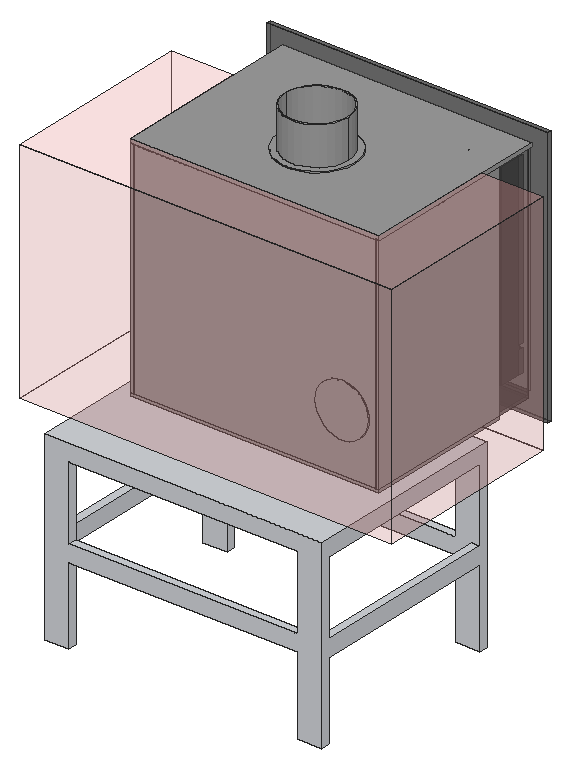
Revit family "FOGO MONTANHA-CLASSIC-E601-STEEL DOOR-R19-V00", category Mechanical Equipment, host Wall, Revit 2019
Family settings
  Host = Wall
  Round Connector Dimension = Use Diameter
  Part Type = Normal
  OmniClass Number = 23.19.17.00
  Always vertical = Yes
  Cut with Voids When Loaded = No
  Shared = No
  Room Calculation Point = No
Parameters (values of type "Grey Steel Door-4 sided Glass Frame 50mm")
  r_SmallDuct_Top = Diameter / 2  # 50 mm
  r_CentralDuct_Top = F / 2  # 75 mm
  r_Duct_back = 65 mm
  Frame Type = FOGO MONTANHA-CLASSIC-4L FRAME : E601-50mm-Glass
  Door_Glass_Offset = 70 mm
  V = 182
  Support Table [instance] = yes
  Pu = 5.6
  Power = 8 kW
  Pn = 8
  P = 8
  Glass = Fogo Montanha-Glass
  Electrical Power = 32 W
  Electric tension = 230 V
  Efficiency at nominal power = "77%"
  Diameter = 100 mm
  Dark Glass = Fogo Montanha-Dark Glass
  URL = "https://welcome.fogo-montanha.com/pesquisar/PA2019P001"
  Door_Position = 5 mm  # constant formula
  Door = Fogo Montanha-Grey Steel
  Offset_Door-Frame = 26.7 mm
  GlassDoor = no
  Model = "Classic-E601"  # constant formula
  Manufacturer URL = "www.fogo-montanha.com"
  Manufacturer = "Fogo Montanha"  # constant formula
  Height from Level [instance] = 450 mm
  Version = "v00"  # constant formula
  Uniformat II Description = "Heat Generating Systems"  # constant formula
  Uniformat II Code = "D3020"  # constant formula
  Uniclass 2015 Name = "Space heaters"  # constant formula
  Uniclass 2015 Code = "TE_70_10_20_80"  # constant formula
  Uniclass 2.0 Description = "Space Heating And Cooling Products"  # constant formula
  Uniclass 2.0 Code = "PR-70-60-36-74"  # constant formula
  Uniclass 1.4 Description = "Fireplaces"  # constant formula
  Uniclass 1.4 Code = "L828"  # constant formula
  UNSPSC Description = "Space Heaters"  # constant formula
  UNSPSC Code = "40101819"  # constant formula
  Reference = "PA2019P001"
  Publication date = "08/2022"  # constant formula
  Number of Poles = 1
  NBS Reference Description = "Room Heaters"  # constant formula
  NBS Reference Code = "60-36-74"  # constant formula
  Masterformat 2014 Description = "Fireplaces and Stoves"  # constant formula
  Masterformat 2014 Code = "10 30 00"  # constant formula
  K = B + 13 mm  # 559 mm
  J = A + 17 mm  # 607 mm
  IfcExportType = "IfcSpaceHeaterType"  # constant formula
  IfcExportAs = "IfcSpaceHeater"  # constant formula
  G = 275 mm
  F = 150 mm
  Offset_Duct_Back = 90 mm
  Clearance Zone Visible [instance] = yes
  Clearance Zone = 150 mm
  Cl = 2.4
  CO2 = 8.9
  CO 13% O2 = 0.077
  Aux_Duct_Top = 120 mm
  Det_Door = if(GlassDoor, -1 mm, 15 mm)  # 15 mm
  Description = "Inseríveis a lenha com ventilação tangencial incluída de série, disponíveis em preto, cinza ou porta em vidro. Incluem porta com sistema de fecho automático, ar externo canalizável através de um kit opcional, dupla combustão e câmara estanque. Possibilidade de regulação da ventilação através de um controlador GLA que, com a inclusão de um Damper, permitirá também o controlo do ar de combustão. Kit wi-fi opcional para gestão do controlador GLA à distância através de smartphone."  # constant formula
  D = 465 mm
  Body = Fogo Montanha-Steel
  Base_Offset [instance] = if(and(Height from Level < 300 mm, Support Table), 300 mm, if(and(Height from Level > 545 mm, Support Table), 545 mm, Height from Level))  # 450 mm
  E = B  # 546 mm
  C = A  # 590 mm
  BIM Modeler URL = "www.stratbim.com"
  BIM Modeler = "StratBIM"
  B = 546 mm
  Assembly Code = "D3020"
  A = 590 mm
Types (12, lengths in mm): name | Frame Type | URL | Door | Offset_Door-Frame | Reference
  Grey Steel Door-4 sided Glass Frame 50mm | FOGO MONTANHA-CLASSIC-4L FRAME : E601-50mm-Glass | "https://welcome.fogo-montanha.com/pesquisar/PA2019P001" | Fogo Montanha-Grey Steel | 26.7 | "PA2019P001"
  Grey Steel Door-3 sided Glass Frame 50mm | FOGO MONTANHA-CLASSIC-3L FRAME : E601-50mm-Glass | "https://welcome.fogo-montanha.com/pesquisar/PA2019P001" | Fogo Montanha-Grey Steel | 26.7 | "PA2019P001"
  Black Steel Door-4 sided Glass Frame 50mm | FOGO MONTANHA-CLASSIC-4L FRAME : E601-50mm-Glass | "https://welcome.fogo-montanha.com/pesquisar/PA2019P001" | Fogo Montanha-Black Steel | 26.7 | "PA2019P001"
  Black Steel Door-3 sided Glass Frame 50mm | FOGO MONTANHA-CLASSIC-3L FRAME : E601-50mm-Glass | "https://welcome.fogo-montanha.com/pesquisar/PA2019P001" | Fogo Montanha-Black Steel | 26.7 | "PA2019P001"
  Black Steel Door-3 sided Black Steel Frame 45mm | FOGO MONTANHA-CLASSIC-3L FRAME : E601-45mm-Black Steel | "https://welcome.fogo-montanha.com/pesquisar/PA2019P001" | Fogo Montanha-Black Steel | 26.7 | "PA2019P001"
  Black Steel Door-3 sided Black Steel Frame 20mm | FOGO MONTANHA-CLASSIC-3L FRAME : E601-20mm-Black Steel | "https://welcome.fogo-montanha.com/pesquisar/PA2019P001" | Fogo Montanha-Black Steel | 26.7 | "PA2019P001"
  Grey Steel Door-3 sided Grey Steel Frame 45mm | FOGO MONTANHA-CLASSIC-3L FRAME : E601-45mm-Grey Steel | "https://welcome.fogo-montanha.com/pesquisar/PA2019G001" | Fogo Montanha-Grey Steel | 27 | "PA2019G001"
  Grey Steel Door-3 sided Grey Steel Frame 20mm | FOGO MONTANHA-CLASSIC-3L FRAME : E601-20mm-Grey Steel | "https://welcome.fogo-montanha.com/pesquisar/PA2019G001" | Fogo Montanha-Grey Steel | 26.7 | "PA2019G001"
  Black Steel Door-4 sided Black Steel Frame 45mm | FOGO MONTANHA-CLASSIC-4L FRAME : E601-45mm-Black Steel | "https://welcome.fogo-montanha.com/pesquisar/PA2019P001" | Fogo Montanha-Black Steel | 26.7 | "PA2019P001"
  Black Steel Door-4 sided Black Steel Frame 20mm | FOGO MONTANHA-CLASSIC-4L FRAME : E601-20mm-Black Steel | "https://welcome.fogo-montanha.com/pesquisar/PA2019P001" | Fogo Montanha-Black Steel | 26.7 | "PA2019P001"
  Grey Steel Door-4 sided Grey Steel Frame 45mm | FOGO MONTANHA-CLASSIC-4L FRAME : E601-45mm-Grey Steel | "https://welcome.fogo-montanha.com/pesquisar/PA2019G001" | Fogo Montanha-Grey Steel | 26.7 | "PA2019G001"
  Grey Steel Door-4 sided Grey Steel Frame 20mm | FOGO MONTANHA-CLASSIC-4L FRAME : E601-20mm-Grey Steel | "https://welcome.fogo-montanha.com/pesquisar/PA2019G001" | Fogo Montanha-Grey Steel | 26.7 | "PA2019G001"
Reference planes
  plane 1 "Wall": y = 0
  plane 2 "Center (Left/Right)": x = 0
  plane 3 "Front": y = 75
  plane 4 "2": x = 295
  plane 5 "3": x = -295
  plane 6 "4": x = -295
  plane 7 "5": x = 295
  plane 8 "6": x = -303.5
  plane 9 "7": x = 303.5
  plane 10 "K'": z = 1009
  plane 11 "K": z = 450
  plane 12: y = -200
  plane 13: y = -390
  plane 14 "8": x = -50
  plane 15 "9": x = 50
  plane 16 "10": x = 213.5
  plane 17: z = 729.5
  plane 18 "B'": z = 1002.5
  plane 19 "B": z = 456.5
  plane 20 "E'": z = 1002.5
  plane 21 "E": z = 456.5
  plane 22 "L": z = 601
  plane 23: y = -46
  plane 24 "M": x = -183.5
  plane 25 "M'": x = 183.5
  plane 26: z = 997
  plane 27: z = 466.5
  plane 28 "S": x = -298.5
  plane 29 "T": x = 298.5
  plane 30 "U": x = 271.8
  plane 31 "V": x = -271.8
  plane 32: z = 970.3
  plane 33: z = 493.2
  plane 34: z = 628.2
  plane 35: z = 900.3
  plane 36 "W": x = 201.8
  plane 37 "X": x = -201.8
  plane 38: y = -340
  plane 39 "Y": x = 100
  plane 40 "AA": x = -100
  plane 41: y = 87
  plane 42: z = 558.2
  plane 43: z = 548.2
  plane 44 "BB": z = 1109
  plane 45 "Origin": z = 0
  plane 46: y = -25
Forms (mm)
  Extrusion 1, solid, material "Fogo Montanha-Steel" <- "Body", detail levels coarse
    sketch origin (0, 75, 0) x (1, 0, 0) y (0, 0, 1)
      loop
        line (303.5, 450) -> (303.5, 1002.5) -> (-303.5, 1002.5) -> (-303.5, 450) -> (303.5, 450)
    from 0 to 465
  Extrusion 2, solid, material "Fogo Montanha-Steel" <- "Body", detail levels medium+fine
    sketch origin (-303.5, 0, 0) x (0, 1, 0) y (0, 0, 1)
      loop
        line (-25, 456.5) -> (-25, 1002.5) -> (-200, 1002.5) -> (-390, 1002.5) -> (-390, 456.5) -> (-25, 456.5)
    from 0 to 8.5
  Extrusion 3, solid, material "Fogo Montanha-Steel" <- "Body", detail levels medium+fine
    sketch origin (303.5, 30, 0) x (0, 1, 0) y (0, 0, -1)
      loop
        line (-55, -456.5) -> (-420, -456.5) -> (-420, -1002.5) -> (-230, -1002.5) -> (-55, -1002.5) -> (-55, -456.5)
    from 0 to 8.5
  Extrusion 4, solid, material "Fogo Montanha-Steel" <- "Body", detail levels medium+fine
    sketch origin (1420, -390, 1200) x (1, 0, 0) y (0, 0, 1)
      loop
        line (-1125, -743.5) -> (-1125, -197.5) -> (-1715, -197.5) -> (-1715, -743.5) -> (-1125, -743.5)
    from 0 to -10
  Extrusion 5, solid, material "Fogo Montanha-Steel" <- "Body", detail levels medium+fine
    sketch origin (2348.699, 225, 1002.5) x (1, 0, 0) y (0, 1, 0)
      loop
        line (-2652.199, -150) -> (-2652.199, -615) -> (-2045.199, -615) -> (-2045.199, -150) -> (-2652.199, -150)
      loop
        circle (-2348.699, -425) r 75
    from 10 to 0
  Extrusion 6, solid, material "Fogo Montanha-Steel" <- "Body", detail levels medium+fine
    sketch origin (2348.699, 225, 456.5) x (1, 0, 0) y (0, 1, 0)
      loop
        line (-2652.199, -250) -> (-2652.199, -615) -> (-2045.199, -615) -> (-2045.199, -250) -> (-2652.199, -250)
    from -6.5 to 0
  Extrusion 7, solid, material "Fogo Montanha-Steel" <- "Body", detail levels medium+fine
    sketch origin (1420, -390, 1200) x (1, 0, 0) y (0, 0, 1)
      loop
        circle (-1206.5, -599) r 65
    from 0 to 1
  Sweep 8, solid, material "Fogo Montanha-Steel" <- "Body"
    path in 3D
      loop
        arc (-75, -200, 1009) -> (0, -275, 1009) -> (75, -200, 1009) r 75
        arc (75, -200, 1009) -> (0, -125, 1009) -> (-75, -200, 1009) r 75
    profile origin (0, -125, 1009) x (0, -1, 0) y (0, 0, 1)
      loop
        line (0, 3.5) -> (0, 100) -> (-2, 100) -> (-2, 6.467) -> (-17, 6.467) -> (-17, 3.5) -> (0, 3.5)
  Extrusion 9, solid, material "Fogo Montanha-Glass" <- "Glass", detail levels medium+fine
    sketch origin (0, 75, 0) x (1, 0, 0) y (0, 0, 1)
      loop
        line (201.8, 628.2) -> (201.8, 900.3) -> (-201.8, 900.3) -> (-201.8, 628.2) -> (201.8, 628.2)
    from 0 to -12
  Extrusion 10, solid, material "Fogo Montanha-Grey Steel" <- "Door", detail levels medium+fine
    sketch origin (0, 75, 0) x (1, 0, 0) y (0, 0, 1)
      loop
        line (271.8, 493.2) -> (271.8, 970.3) -> (-271.8, 970.3) -> (-271.8, 493.2) -> (271.8, 493.2)
      loop
        line (-201.8, 628.2) -> (201.8, 628.2) -> (201.8, 900.3) -> (-201.8, 900.3) -> (-201.8, 628.2)
    from 0 to -12
  Extrusion 11, solid, material "Fogo Montanha-Vermiculite", detail levels medium+fine
    sketch origin (-271.8, 0, 0) x (0, 1, 0) y (0, 0, 1)
      loop
        line (0, 493.2) -> (0, 900.3) -> (-200, 900.3) -> (-340, 729.5) -> (-340, 493.2) -> (0, 493.2)
    from 0 to 8.5
  Extrusion 12, solid, material "Fogo Montanha-Grey Steel" <- "Door", detail levels medium+fine
    sketch origin (1420, -25, 1200) x (1, 0, 0) y (0, 0, 1)
      loop
        line (-1148.2, -229.7) -> (-1691.8, -229.7) -> (-1691.8, -706.8) -> (-1148.2, -706.8) -> (-1148.2, -229.7)
      loop
        line (-1121.5, -197.5) -> (-1718.5, -197.5) -> (-1718.5, -743.5) -> (-1121.5, -743.5) -> (-1121.5, -197.5)
    from 0 to 5
  Extrusion 13, solid, material "Fogo Montanha-Vermiculite", detail levels medium+fine
    sketch origin (271.8, 0, 0) x (0, 1, 0) y (0, 0, 1)
      loop
        line (0, 493.2) -> (0, 900.3) -> (-200, 900.3) -> (-340, 729.5) -> (-340, 493.2) -> (0, 493.2)
    from 0 to -8.5
  Extrusion 14, solid, material "Fogo Montanha-Vermiculite", detail levels medium+fine
    sketch origin (1420, -340, 1200) x (1, 0, 0) y (0, 0, 1)
      loop
        line (-1156.7, -706.8) -> (-1156.7, -470.5) -> (-1683.3, -470.5) -> (-1683.3, -706.8) -> (-1156.7, -706.8)
    from 0 to -8.5
  Extrusion 15, solid, material "Fogo Montanha-Vermiculite", detail levels medium+fine
    sketch origin (0, 0, 0) x (0, 1, 0) y (0, 0, 1)
      loop
        line (-200, 900.3) -> (-340, 729.5) -> (-329.009, 729.5) -> (-200, 886.892) -> (-200, 900.3)
    from -271.8 to 271.8
  Extrusion 16, solid, material "Fogo Montanha-Vermiculite", detail levels medium+fine
    sketch origin (2348.699, 225, 493.2) x (1, 0, 0) y (0, 1, 0)
      loop
        line (-2620.499, -225) -> (-2620.499, -565) -> (-2076.899, -565) -> (-2076.899, -225) -> (-2620.499, -225)
      loop
        line (-2248.699, -271) -> (-2448.699, -271) -> (-2448.699, -425) -> (-2248.699, -425) -> (-2248.699, -271)
    from 0 to 10
  Extrusion 17, solid, material "Fogo Montanha-Steel", detail levels medium+fine
    sketch origin (2348.699, 225, 493.2) x (1, 0, 0) y (0, 1, 0)
      loop
        line (-2248.699, -271) -> (-2448.699, -271) -> (-2448.699, -425) -> (-2248.699, -425) -> (-2248.699, -271)
      loop
        line (-2435.699, -300) -> (-2361.699, -300)
        arc (-2361.699, -300) -> (-2359.578, -299.121) -> (-2358.699, -297) r 3
        line (-2358.699, -297) -> (-2358.699, -284)
        arc (-2358.699, -284) -> (-2359.578, -281.879) -> (-2361.699, -281) r 3
        line (-2361.699, -281) -> (-2435.699, -281)
        arc (-2435.699, -281) -> (-2437.82, -281.879) -> (-2438.699, -284) r 3
        line (-2438.699, -284) -> (-2438.699, -297)
        arc (-2438.699, -297) -> (-2437.82, -299.121) -> (-2435.699, -300) r 3
      loop
        arc (-2261.699, -300) -> (-2259.578, -299.121) -> (-2258.699, -297) r 3
        line (-2258.699, -297) -> (-2258.699, -284)
        arc (-2258.699, -284) -> (-2259.578, -281.879) -> (-2261.699, -281) r 3
        line (-2261.699, -281) -> (-2335.699, -281)
        arc (-2335.699, -281) -> (-2337.82, -281.879) -> (-2338.699, -284) r 3
        line (-2338.699, -284) -> (-2338.699, -297)
        arc (-2338.699, -297) -> (-2337.82, -299.121) -> (-2335.699, -300) r 3
        line (-2335.699, -300) -> (-2261.699, -300)
      loop
        line (-2435.699, -329) -> (-2361.699, -329)
        arc (-2361.699, -329) -> (-2359.578, -328.121) -> (-2358.699, -326) r 3
        line (-2358.699, -326) -> (-2358.699, -313)
        arc (-2358.699, -313) -> (-2359.578, -310.879) -> (-2361.699, -310) r 3
        line (-2361.699, -310) -> (-2435.699, -310)
        arc (-2435.699, -310) -> (-2437.82, -310.879) -> (-2438.699, -313) r 3
        line (-2438.699, -313) -> (-2438.699, -326)
        arc (-2438.699, -326) -> (-2437.82, -328.121) -> (-2435.699, -329) r 3
      loop
        arc (-2261.699, -329) -> (-2259.578, -328.121) -> (-2258.699, -326) r 3
        line (-2258.699, -326) -> (-2258.699, -313)
        arc (-2258.699, -313) -> (-2259.578, -310.879) -> (-2261.699, -310) r 3
        line (-2261.699, -310) -> (-2335.699, -310)
        arc (-2335.699, -310) -> (-2337.82, -310.879) -> (-2338.699, -313) r 3
        line (-2338.699, -313) -> (-2338.699, -326)
        arc (-2338.699, -326) -> (-2337.82, -328.121) -> (-2335.699, -329) r 3
        line (-2335.699, -329) -> (-2261.699, -329)
      loop
        line (-2435.699, -358) -> (-2361.699, -358)
        arc (-2361.699, -358) -> (-2359.578, -357.121) -> (-2358.699, -355) r 3
        line (-2358.699, -355) -> (-2358.699, -342)
        arc (-2358.699, -342) -> (-2359.578, -339.879) -> (-2361.699, -339) r 3
        line (-2361.699, -339) -> (-2435.699, -339)
        arc (-2435.699, -339) -> (-2437.82, -339.879) -> (-2438.699, -342) r 3
        line (-2438.699, -342) -> (-2438.699, -355)
        arc (-2438.699, -355) -> (-2437.82, -357.121) -> (-2435.699, -358) r 3
      loop
        arc (-2261.699, -358) -> (-2259.578, -357.121) -> (-2258.699, -355) r 3
        line (-2258.699, -355) -> (-2258.699, -342)
        arc (-2258.699, -342) -> (-2259.578, -339.879) -> (-2261.699, -339) r 3
        line (-2261.699, -339) -> (-2335.699, -339)
        arc (-2335.699, -339) -> (-2337.82, -339.879) -> (-2338.699, -342) r 3
        line (-2338.699, -342) -> (-2338.699, -355)
        arc (-2338.699, -355) -> (-2337.82, -357.121) -> (-2335.699, -358) r 3
        line (-2335.699, -358) -> (-2261.699, -358)
      loop
        line (-2435.699, -387) -> (-2361.699, -387)
        arc (-2361.699, -387) -> (-2359.578, -386.121) -> (-2358.699, -384) r 3
        line (-2358.699, -384) -> (-2358.699, -371)
        arc (-2358.699, -371) -> (-2359.578, -368.879) -> (-2361.699, -368) r 3
        line (-2361.699, -368) -> (-2435.699, -368)
        arc (-2435.699, -368) -> (-2437.82, -368.879) -> (-2438.699, -371) r 3
        line (-2438.699, -371) -> (-2438.699, -384)
        arc (-2438.699, -384) -> (-2437.82, -386.121) -> (-2435.699, -387) r 3
      loop
        arc (-2261.699, -387) -> (-2259.578, -386.121) -> (-2258.699, -384) r 3
        line (-2258.699, -384) -> (-2258.699, -371)
        arc (-2258.699, -371) -> (-2259.578, -368.879) -> (-2261.699, -368) r 3
        line (-2261.699, -368) -> (-2335.699, -368)
        arc (-2335.699, -368) -> (-2337.82, -368.879) -> (-2338.699, -371) r 3
        line (-2338.699, -371) -> (-2338.699, -384)
        arc (-2338.699, -384) -> (-2337.82, -386.121) -> (-2335.699, -387) r 3
        line (-2335.699, -387) -> (-2261.699, -387)
      loop
        line (-2435.699, -416) -> (-2361.699, -416)
        arc (-2361.699, -416) -> (-2359.578, -415.121) -> (-2358.699, -413) r 3
        line (-2358.699, -413) -> (-2358.699, -400)
        arc (-2358.699, -400) -> (-2359.578, -397.879) -> (-2361.699, -397) r 3
        line (-2361.699, -397) -> (-2435.699, -397)
        arc (-2435.699, -397) -> (-2437.82, -397.879) -> (-2438.699, -400) r 3
        line (-2438.699, -400) -> (-2438.699, -413)
        arc (-2438.699, -413) -> (-2437.82, -415.121) -> (-2435.699, -416) r 3
      loop
        arc (-2261.699, -416) -> (-2259.578, -415.121) -> (-2258.699, -413) r 3
        line (-2258.699, -413) -> (-2258.699, -400)
        arc (-2258.699, -400) -> (-2259.578, -397.879) -> (-2261.699, -397) r 3
        line (-2261.699, -397) -> (-2335.699, -397)
        arc (-2335.699, -397) -> (-2337.82, -397.879) -> (-2338.699, -400) r 3
        line (-2338.699, -400) -> (-2338.699, -413)
        arc (-2338.699, -413) -> (-2337.82, -415.121) -> (-2335.699, -416) r 3
        line (-2335.699, -416) -> (-2261.699, -416)
    from 0 to 10
  Extrusion 18, void
    sketch origin (0, 87, 0) x (1, 0, 0) y (0, 0, 1)
      loop
        line (271.8, 548.2) -> (271.8, 558.2) -> (-271.8, 558.2) -> (-271.8, 548.2) -> (271.8, 548.2)
    from 0 to 15 <- "Det_Door"
  Extrusion 19, solid, material "Fogo Montanha-Black Steel", detail levels medium+fine
    sketch origin (0, 75, 0) x (1, 0, 0) y (0, 0, 1)
      loop
        line (271.8, 493.2) -> (271.8, 970.3) -> (-271.8, 970.3) -> (-271.8, 493.2) -> (271.8, 493.2)
      loop
        line (269.8, 968.3) -> (-269.8, 968.3) -> (-269.8, 495.2) -> (269.8, 495.2) -> (269.8, 968.3)
    from 0 to 100
  Extrusion 20, solid, material "Fogo Montanha-Dark Glass", detail levels medium+fine
    sketch origin (0, 75, 0) x (1, 0, 0) y (0, 0, 1)
      loop
        line (297, 450) -> (297, 1004.5) -> (-297, 1004.5) -> (-297, 450) -> (297, 450)
      loop
        line (295, 456.5) -> (295, 1002.5) -> (-295, 1002.5) -> (-295, 456.5) -> (295, 456.5)
    from 0 to 100
  Extrusion 21, solid
    sketch origin (2348.699, 225, 1009) x (1, 0, 0) y (0, 1, 0)
      loop
        circle (-2165.199, -271) r 50
    from 0 to 1
  Extrusion 22, solid
    sketch origin (2348.699, 225, 1009) x (1, 0, 0) y (0, 1, 0)
      loop
        circle (-2532.199, -271) r 50
    from 0 to 1
  Extrusion 23, solid, material "Fogo Montanha-Steel" <- "Body", visible <- "GlassDoor", detail levels medium+fine
    sketch origin (0, 75, 0) x (1, 0, 0) y (0, 0, 1)
      loop
        line (271.8, 493.2) -> (271.8, 970.3) -> (-271.8, 970.3) -> (-271.8, 493.2) -> (271.8, 493.2)
      loop
        line (-201.8, 628.2) -> (201.8, 628.2) -> (201.8, 900.3) -> (-201.8, 900.3) -> (-201.8, 628.2)
    from 0 to 2
  Extrusion 24, solid, visible <- "Clearance Zone Visible"
    sketch origin (2348.699, 175, 0) x (1, 0, 0) y (0, 1, 0)
      loop
        line (-2802.199, -250) -> (-2802.199, -715) -> (-1895.199, -715) -> (-1895.199, -250) -> (-2045.199, -250) -> (-2045.199, -565) -> (-2652.199, -565) -> (-2652.199, -250) -> (-2802.199, -250)
    from 456.5 to 1012.5
  Extrusion 25, solid, material "Fogo Montanha-Black Steel", detail levels medium+fine
    sketch origin (0, 0, 0) x (1, 0, 0) y (0, 0, 1)
      loop
        line (271.8, 493.2) -> (271.8, 970.3) -> (-271.8, 970.3) -> (-271.8, 493.2) -> (271.8, 493.2)
      loop
        line (-201.8, 628.2) -> (201.8, 628.2) -> (201.8, 900.3) -> (-201.8, 900.3) -> (-201.8, 628.2)
    from -20 to -22
  Extrusion 26, solid, material "Fogo Montanha-Black Steel", detail levels medium+fine
    sketch origin (0, 75, 0) x (1, 0, 0) y (0, 0, 1)
      loop
        line (269.8, 601) -> (-269.8, 601) -> (-269.8, 599) -> (269.8, 599) -> (269.8, 601)
    from 2 to 53
  Extrusion 27, solid, material "Fogo Montanha-Steel" <- "Body"
    sketch origin (0, 50, 0) x (0, 1, 0) y (0, 0, 1)
      loop
        line (-96.937, 920.503) -> (-96.937, 935.3) -> (-300, 935.3) -> (-300, 909.847) -> (-250, 909.847) -> (-229.317, 897.906) -> (-101.741, 897.906) -> (-96.937, 920.503)
    from -150 to 150
Cuts and joins
  Extrusion 18 cuts Extrusion 10
  Extrusion 18 cuts Extrusion 12
  Extrusion 18 cuts Extrusion 11
  Extrusion 18 cuts Extrusion 13
  joined: Extrusion 11, Extrusion 13, Extrusion 14, Extrusion 15, Extrusion 16
Lines and regions (mm)
  Opening 1
    outline origin (-5000, -75, 0) x (1, 0, 0) y (0, 0, 1)
      loop
        line (4696.5, 450) -> (5303.5, 450) -> (5303.5, 1009) -> (4696.5, 1009) -> (4696.5, 450)
  reference lines
    curve 1: circle (0, -200, 1009) r 75 normal (0, 0, 1)
    curve 2: circle (213.5, 75, 601) r 65 normal (0, -1, 0)
    curve 4: circle (-183.5, -46, 1002.5) r 50 normal (0, 0, 1)
    curve 5: circle (183.5, -46, 1002.5) r 50 normal (0, 0, 1)
  sketch lines
    curve 3: circle (0, -200, 1009) r 75 normal (0, 0, 1)
Text (mm)
  text "Placement side" at (-1304.494, 278.82, 0), in view "Ref. Level"
  text "Placement side" at (0, 1334.055, 2976.191), in view "Left"
  text "Placement side" at (0, 439.194, 2944.362), in view "Right"
Dimensions and locks
  locked: plane 3 "Front" to host wall at 0
  "C": plane 4 "2" to plane 5 "3"
  equal spacing: plane 4 "2", plane 2 "Center (Left/Right)", plane 5 "3"
  equal spacing: plane 7 "5", plane 2 "Center (Left/Right)", plane 6 "4"
  "A": plane 7 "5" to plane 6 "4"
  equal spacing: plane 9 "7", plane 2 "Center (Left/Right)", plane 8 "6"
  "J": plane 8 "6" to plane 9 "7"
  "K": plane 11 "K" to plane 10 "K'"
  "Base_Offset": level to plane 11 "K"
  equal spacing: plane 14 "8", plane 2 "Center (Left/Right)", plane 15 "9"
  plane 14 "8" to plane 15 "9" = 100 mm
  equal spacing: plane 11 "K", plane 17, plane 10 "K'"
  equal spacing: plane 19 "B", plane 17, plane 18 "B'"
  "B": plane 19 "B" to plane 18 "B'"
  equal spacing: plane 21 "E", plane 17, plane 20 "E'"
  "E": plane 21 "E" to plane 20 "E'"
  "Offset_Duct_Back": plane 9 "7" to plane 16 "10"
  plane 11 "K" to plane 22 "L" = 151 mm
  "Aux_Duct_Top": plane 8 "6" to plane 24 "M"
  "Aux_Duct_Top": plane 25 "M'" to plane 9 "7"
  "Offset_Door-Frame": plane 32 to plane 26
  "Offset_Door-Frame": plane 27 to plane 33
  "Offset_Door-Frame": plane 29 "T" to plane 30 "U"
  "Offset_Door-Frame": plane 31 "V" to plane 28 "S"
  "Door_Glass_Offset": plane 35 to plane 32
  "Door_Glass_Offset": plane 30 "U" to plane 36 "W"
  "Door_Glass_Offset": plane 37 "X" to plane 31 "V"
  locked: plane 13 to plane 38 at 50
  locked: plane 3 "Front" to plane 41 at 12
  "Door_Glass_Offset": plane 42 to plane 34
  locked: plane 43 to plane 42 at 10
  Extrusion 17 sketch curve to Extrusion 17 sketch curve to Extrusion 17 sketch curve to Extrusion 17 sketch curve to Extrusion 17 sketch curve to Extrusion 17 sketch curve = 10 mm locked, 80 mm locked, 20 mm locked, 80 mm locked, 10 mm locked
  Extrusion 17 sketch curve to Extrusion 17 sketch curve to Extrusion 17 sketch curve to Extrusion 17 sketch curve to Extrusion 17 sketch curve to Extrusion 17 sketch curve to Extrusion 17 sketch curve to Extrusion 17 sketch curve to Extrusion 17 sketch curve to Extrusion 17 sketch curve to Extrusion 17 sketch curve to Extrusion 17 sketch curve = 10 mm locked, 19 mm locked, 10 mm locked, 19 mm locked, 10 mm locked, 19 mm locked, 10 mm locked, 19 mm locked, 10 mm locked, 19 mm locked, 9 mm locked
  "Door_Position": plane 9 "7" to plane 29 "T"
  "Door_Position": plane 28 "S" to plane 8 "6"
  locked: plane 46 to plane 3 "Front" at 100
  locked: cut or joined group of Extrusion 10, Extrusion 18 to Extrusion 19 sketch curve at 2
  locked: plane 26 to plane 20 "E'" at 5.5
  locked: plane 33 to plane 43 at 55
  locked: plane 21 "E" to plane 27 at 10
  "Clearance Zone": Extrusion 24 sketch curve to Extrusion 24 sketch curve  (x3)
  Extrusion 26 sketch curve to plane 22 "L" = 2 mm
  cut or joined group of Extrusion 10, Extrusion 18 to Extrusion 26 sketch curve = 2 mm
  Extrusion 26 sketch curve to plane 31 "V" = 2 mm
  locked: plane 10 "K'" to plane 44 "BB" at 100
  locked: Extrusion 27 sketch curve to Extrusion 27 sketch curve at 127.577
  locked: plane 23 to plane 46 at 21
  locked: plane 12 to plane 23 at 154
  locked: plane 38 to plane 12 at 140
  locked: plane 46 to plane 1 "Wall" at 25
  "r_CentralDuct_Top": radius of curve 1
  "r_Duct_back": radius of curve 2
  "r_SmallDuct_Top": radius of curve 5
  "r_SmallDuct_Top": radius of curve 4
  aligned and locked: plane 8 "6" to Opening 1 sketch curve
  aligned and locked: Opening 1 sketch curve to plane 9 "7"
  aligned and locked: plane 10 "K'" to Opening 1 sketch curve
  aligned and locked: plane 11 "K" to Opening 1 sketch curve
  aligned and locked: plane 8 "6" to Extrusion 1 sketch curve
  aligned and locked: Extrusion 1 sketch curve to plane 9 "7"
  aligned and locked: plane 18 "B'" to Extrusion 1 sketch curve
  aligned and locked: plane 13 to Extrusion 1
  aligned and locked: plane 19 "B" to Extrusion 2 sketch curve
  aligned and locked: plane 18 "B'" to Extrusion 2 sketch curve
  aligned and locked: plane 13 to Extrusion 2 sketch curve
  aligned and locked: Extrusion 3 sketch curve to plane 18 "B'"
  aligned and locked: Extrusion 3 sketch curve to plane 13
  aligned and locked: Extrusion 3 sketch curve to plane 19 "B"
  aligned and locked: plane 4 "2" to Extrusion 4 sketch curve
  aligned and locked: plane 5 "3" to Extrusion 4 sketch curve
  aligned and locked: plane 21 "E" to Extrusion 4 sketch curve
  aligned and locked: plane 20 "E'" to Extrusion 4 sketch curve
  aligned and locked: plane 5 "3" to Extrusion 2
  aligned and locked: Extrusion 3 to plane 4 "2"
  aligned and locked: Extrusion 5 sketch curve to plane 8 "6"
  aligned and locked: plane 9 "7" to Extrusion 5 sketch curve
  aligned and locked: Extrusion 5 sketch curve to plane 13
  aligned and locked: Extrusion 5 sketch curve to curve 1
  aligned and locked: plane 9 "7" to Extrusion 6 sketch curve
  aligned and locked: Extrusion 6 sketch curve to plane 8 "6"
  aligned and locked: Extrusion 6 sketch curve to plane 13
  aligned and locked: Extrusion 7 sketch curve to curve 2
  aligned and locked: plane 24 "M" to curve 4
  aligned and locked: plane 23 to curve 4
  aligned and locked: plane 23 to curve 5
  aligned and locked: plane 25 "M'" to curve 5
  aligned and locked: plane 34 to Extrusion 9 sketch curve
  aligned and locked: Extrusion 9 sketch curve to plane 36 "W"
  aligned and locked: Extrusion 9 sketch curve to plane 35
  aligned and locked: plane 37 "X" to Extrusion 9 sketch curve
  aligned and locked: plane 33 to Extrusion 10 sketch curve
  aligned and locked: Extrusion 10 sketch curve to plane 30 "U"
  aligned and locked: Extrusion 10 sketch curve to plane 32
  aligned and locked: plane 31 "V" to Extrusion 10 sketch curve
  aligned and locked: Extrusion 10 sketch curve to Extrusion 9  (x4)
  aligned and locked: Extrusion 11 to plane 33
  aligned and locked: plane 32 to Extrusion 12 sketch curve
  aligned and locked: plane 33 to Extrusion 12 sketch curve
  aligned and locked: plane 30 "U" to Extrusion 12 sketch curve
  aligned and locked: plane 31 "V" to Extrusion 12 sketch curve
  aligned and locked: plane 28 "S" to Extrusion 12 sketch curve
  aligned and locked: Extrusion 12 sketch curve to plane 29 "T"
  aligned and locked: plane 35 to Extrusion 11 sketch curve
  aligned and locked: plane 12 to Extrusion 11 sketch curve
  aligned and locked: Extrusion 14 to Extrusion 11
  aligned and locked: Extrusion 14 to Extrusion 13
  aligned and locked: Extrusion 13 sketch curve to Extrusion 14
  aligned and locked: Extrusion 11 sketch curve to plane 38
  aligned and locked: plane 17 to Extrusion 14
  aligned and locked: plane 17 to Extrusion 11 sketch curve
  aligned and locked: plane 17 to Extrusion 13 sketch curve
  aligned and locked: Extrusion 15 sketch curve to Extrusion 11
  aligned and locked: plane 17 to Extrusion 15 sketch curve
  aligned and locked: plane 12 to Extrusion 15 sketch curve
  aligned and locked: plane 30 "U" to Extrusion 15
  aligned and locked: Extrusion 15 to plane 31 "V"
  aligned and locked: Extrusion 11 to Extrusion 14
  aligned and locked: Extrusion 16 sketch curve to plane 31 "V"
  aligned and locked: Extrusion 16 sketch curve to plane 38
  aligned and locked: Extrusion 16 sketch curve to plane 30 "U"
  aligned and locked: plane 12 to Extrusion 16 sketch curve
  aligned and locked: Extrusion 16 sketch curve to plane 23
  aligned and locked: Extrusion 16 sketch curve to plane 40 "AA"
  aligned and locked: plane 39 "Y" to Extrusion 16 sketch curve
  aligned and locked: Extrusion 17 sketch curve to plane 39 "Y"
  aligned and locked: Extrusion 17 sketch curve to plane 23
  aligned and locked: Extrusion 17 to plane 33
  aligned and locked: Extrusion 16 to Extrusion 17
  aligned and locked: Extrusion 18 to plane 43
  aligned and locked: plane 42 to Extrusion 18
  aligned and locked: plane 30 "U" to Extrusion 18
  aligned and locked: Extrusion 18 to plane 31 "V"
  aligned and locked: Extrusion 17 sketch curve to Extrusion 17 sketch curve  (x26)
  aligned and locked: nested 1 to plane 2 "Center (Left/Right)"
  aligned and locked: plane 44 "BB" to Sweep 8 sketch curve
  aligned and locked: Extrusion 5 to Sweep 8 sketch curve
  aligned and locked: level to plane 45 "Origin"
  aligned and locked: Extrusion 13 sketch curve to plane 1 "Wall"
  aligned and locked: plane 46 to Extrusion 3 sketch curve
  aligned and locked: Extrusion 2 sketch curve to plane 46
  aligned and locked: Extrusion 9 to plane 41
  aligned and locked: plane 30 "U" to Extrusion 19 sketch curve
  aligned and locked: plane 32 to Extrusion 19 sketch curve
  aligned and locked: plane 31 "V" to Extrusion 19 sketch curve
  aligned and locked: plane 46 to Extrusion 19
  aligned and locked: Extrusion 20 sketch curve to plane 7 "5"
  aligned and locked: Extrusion 20 sketch curve to plane 20 "E'"
  aligned and locked: plane 6 "4" to Extrusion 20 sketch curve
  aligned and locked: plane 18 "B'" to Extrusion 12 sketch curve
  aligned and locked: Extrusion 21 sketch curve to curve 5
  aligned and locked: Extrusion 22 sketch curve to curve 4
  aligned and locked: Extrusion 6 to plane 11 "K"
  aligned and locked: nested 1 to plane 17
  aligned and locked: plane 11 "K" to Extrusion 20 sketch curve
  aligned and locked: Extrusion 24 sketch curve to host wall
  aligned and locked: host wall to Extrusion 24 sketch curve
  aligned and locked: plane 13 to Extrusion 24 sketch curve
  aligned and locked: Extrusion 24 to Extrusion 5
  aligned and locked: Extrusion 24 to plane 21 "E"
  aligned and locked: Extrusion 24 sketch curve to plane 8 "6"
  aligned and locked: plane 9 "7" to Extrusion 24 sketch curve
  aligned and locked: Extrusion 16 sketch curve to plane 1 "Wall"
  aligned and locked: Extrusion 26 to Extrusion 25
  aligned and locked: Extrusion 26 to Extrusion 23
  aligned and locked: Extrusion 1 sketch curve to plane 11 "K"
  aligned and locked: plane 19 "B" to Extrusion 20 sketch curve
  aligned and locked: Extrusion 12 sketch curve to plane 21 "E"
  aligned and locked: Extrusion 6 sketch curve to Extrusion 3
  aligned and locked: Extrusion 11 to plane 1 "Wall"
  aligned and locked: nested 2 to plane 2 "Center (Left/Right)"
  aligned and locked: nested 2 to host wall
Automatic sketch dimensions
  Extrusion 2 sketch curve to plane 12 = 0 mm
  Extrusion 3 sketch curve to plane 12 = 0 mm
  Extrusion 5 sketch curve to host wall = 0 mm
  Sweep 8 sketch curve to profile plane = 0 mm
  profile plane to Sweep 8 sketch curve = 2 mm
  profile plane to Sweep 8 sketch curve = 6.467 mm
  Sweep 8 sketch curve to Sweep 8 sketch curve = 15 mm
  Extrusion 11 sketch curve to plane 33 = 0 mm
  Extrusion 13 sketch curve to plane 12 = 0 mm
  Extrusion 13 sketch curve to plane 33 = 0 mm
  Extrusion 13 sketch curve to plane 35 = 0 mm
  Extrusion 14 sketch curve to plane 33 = 0 mm
  Extrusion 14 sketch curve to plane 17 = 0 mm
  plane 31 "V" to Extrusion 14 sketch curve = 8.5 mm
  Extrusion 14 sketch curve to plane 30 "U" = 8.5 mm
  Extrusion 15 sketch curve to plane 38 = 10.991 mm
  Extrusion 15 sketch curve to Extrusion 15 sketch curve = 13.408 mm
  Extrusion 17 sketch curve to Extrusion 17 sketch curve = 3 mm  (x40)
  Extrusion 18 sketch curve to Extrusion 10 = 0 mm
  Extrusion 10 to Extrusion 18 sketch curve = 0 mm
  Extrusion 10 to Extrusion 18 sketch curve = 55 mm
  Extrusion 18 sketch curve to Extrusion 18 sketch curve = 10 mm
  Extrusion 19 sketch curve to plane 33 = 0 mm
  plane 31 "V" to Extrusion 19 sketch curve = 2 mm
  Extrusion 19 sketch curve to plane 30 "U" = 2 mm
  Extrusion 19 sketch curve to plane 32 = 2 mm
  plane 28 "S" to Extrusion 20 sketch curve = 1.5 mm
  Extrusion 20 sketch curve to plane 29 "T" = 1.5 mm
  plane 18 "B'" to Extrusion 20 sketch curve = 2 mm
  Extrusion 23 sketch curve to plane 31 "V" = 0 mm
  Extrusion 23 sketch curve to plane 35 = 0 mm
  Extrusion 23 sketch curve to plane 37 "X" = 0 mm
  Extrusion 23 sketch curve to plane 34 = 0 mm
  Extrusion 23 sketch curve to plane 36 "W" = 0 mm
  Extrusion 23 sketch curve to plane 30 "U" = 0 mm
  Extrusion 23 sketch curve to plane 33 = 0 mm
  Extrusion 23 sketch curve to plane 32 = 0 mm
  Extrusion 25 sketch curve to plane 31 "V" = 0 mm
  Extrusion 25 sketch curve to plane 35 = 0 mm
  Extrusion 25 sketch curve to plane 37 "X" = 0 mm
  Extrusion 25 sketch curve to plane 34 = 0 mm
  Extrusion 25 sketch curve to plane 36 "W" = 0 mm
  Extrusion 25 sketch curve to plane 30 "U" = 0 mm
  Extrusion 25 sketch curve to plane 33 = 0 mm
  Extrusion 25 sketch curve to plane 32 = 0 mm
  Extrusion 26 sketch curve to plane 22 "L" = 0 mm
  Extrusion 27 sketch curve to plane 12 = 0 mm
  plane 35 to Extrusion 27 sketch curve = 9.547 mm
  plane 12 to Extrusion 27 sketch curve = 50 mm
  Extrusion 27 sketch curve to plane 35 = 2.394 mm
  Extrusion 27 sketch curve to plane 12 = 20.683 mm
  plane 23 to Extrusion 27 sketch curve = 0.937 mm
  plane 35 to Extrusion 27 sketch curve = 20.203 mm
  Extrusion 27 sketch curve to Extrusion 27 sketch curve = 14.797 mm
  host wall to Extrusion 11 sketch curve = 0 mm
  curve 2 to plane 16 "10" = 0 mm
  curve 2 to plane 22 "L" = 0 mm
  curve 4 to plane 24 "M" = 0 mm
  curve 1 to plane 2 "Center (Left/Right)" = 0 mm
  plane 12 to curve 1 = 0 mm
Nested families
  nested 1: "FOGO MONTANHA-CLASSIC-4L FRAME" at (0, 75, 729.5) x (-1, 0, 0) z (0, 1, 0), type <- "Frame Type", type "E601-50mm-Glass"
  nested 2: "FOGO MONTANHA-SUPPORT TABLE-R19-V00" at (0, -75, 0) x (-1, 0, 0) z (0, 0, 1), visible <- "Support Table", H <- "Base_Offset", type "PA1090G049"
    with H 450 mm
Connectors
  hvac at (0, -200, 1109), driven by "F"
    settings: on Sweep 8, index 1, duct flow 0.0 L/s, flow factor 0, pres drop 0.0 Pa, loss coef 0, conn angle 0.00°, conn width 304.8 mm, conn height 304.8 mm, conn diameter 150 mm, duct sys type 3, conn prof type 0, flow config 0, flow direction 2, loss method 0, conn ref index -1, conn util no, is conn primary yes, conn desc ""
  electrical at (-303.5, -206, 784.1), driven by "Number of Poles", driven by "Electric tension", driven by "Electrical Power"
    settings: on Extrusion 2, index 3, voltage 230 V, apparent load 32 VA, apparent load phase1 0 VA, apparent load phase2 0 VA, apparent load phase3 0 VA, power factor 1, load classification "Other", number of poles 1, system type 30, power factor state 1, is connector primary yes, connector utility no, sub classification motor no, connector description ""
  hvac at (213.5, -390, 601), driven by "Diameter"
    settings: on Extrusion 7, index 4, duct flow 0.0 L/s, flow factor 0, pres drop 0.0 Pa, loss coef 0, conn angle 0.00°, conn width 304.8 mm, conn height 304.8 mm, conn diameter 100 mm, duct sys type 1, conn prof type 0, flow config 0, flow direction 1, loss method 0, conn ref index -1, conn util no, is conn primary no, conn desc ""
  hvac at (-183.5, -46, 1010), driven by "Diameter"
    settings: on Extrusion 22, index 5, duct flow 0.0 L/s, flow factor 0, pres drop 0.0 Pa, loss coef 0, conn angle 0.00°, conn width 304.8 mm, conn height 304.8 mm, conn diameter 100 mm, duct sys type 3, conn prof type 0, flow config 0, flow direction 2, loss method 0, conn ref index -1, conn util no, is conn primary no, conn desc ""
  hvac at (183.5, -46, 1010), driven by "Diameter"
    settings: on Extrusion 21, index 6, duct flow 0.0 L/s, flow factor 0, pres drop 0.0 Pa, loss coef 0, conn angle 0.00°, conn width 304.8 mm, conn height 304.8 mm, conn diameter 100 mm, duct sys type 3, conn prof type 0, flow config 0, flow direction 2, loss method 0, conn ref index -1, conn util no, is conn primary no, conn desc ""
Definition of nested family "FOGO MONTANHA-CLASSIC-4L FRAME"
  Parameters (values of type "E601-20mm-Black")
    Width = 20 mm
    Uniformat II Description = "Other HVAC Systems & Equipment"
    Uniformat II Code = "D3090"
    Uniclass 2015 Name = "Fireplace hearths"
    Uniclass 2015 Code = "PR_70_60_82_30"
    Uniclass 1.4 Description = "Fireplace Specialties"
    Uniclass 1.4 Code = "10 32 00"
    URL = "https://www.fogo-montanha.com/pt"
    UNSPSC Code = "40101819"
    Thickness = 12 mm
    Reference = "MO2070P108"
    Model = "4 Sided"  # constant formula
    Manufacturer = "Fogo Montanha"  # constant formula
    Frame Material = none
    Default Elevation = 0 mm  # constant formula
    B = 536 mm  # constant formula
    A = 587 mm
  Types (20, lengths in mm): name | Width | Reference | A
    E601-20mm-Black | 20 | "MO2070P108" | 587
    E601-45mm-Black | 45 | "MO2070P106" | 587
    E701-20mm-Black | 20 | "MO2070P112" | 687
    E601-50mm-Glass | 50 | "MO2070V002" | 587
    E701-45mm-Black | 45 | "MO2070P110" | 687
    E701-50mm-Glass | 50 | "MO2070V004" | 687
    E801-20mm-Black | 20 | "MO2070P116" | 787
    E801-45mm-Black | 45 | "MO2070P114" | 787
    E801-50mm-Glass | 50 | "MO2070V006" | 787
    E901-20mm-Black | 20 | "MO2070P120" | 887
    E901-45mm-Black | 45 | "MO2070P118" | 887
    E901-50mm-Glass | 50 | "MO2070V008" | 887
    E601-45mm-Grey | 45 | "MO2070G106" | 587
    E701-45mm-Grey | 45 | "MO2070G110" | 687
    E801-45mm-Grey | 45 | "MO2070G114" | 787
    E901-45mm-Grey | 45 | "MO2070G118" | 887
    E601-20mm-Grey | 20 | "MO2070G108" | 587
    E701-20mm-Grey | 20 | "MO2070G112" | 687
    E801-20mm-Grey | 20 | "MO2070G116" | 787
    E901-20mm-Grey | 20 | "MO2070G120" | 887
  Reference planes
    plane 1 "Center (Front/Back)": y = 0
    plane 2: z = 0
    plane 3 "Center (Left/Right)": x = 0
    plane 4: x = -293.5
    plane 5: x = 293.5
    plane 6: y = 268
    plane 7: y = -268
    plane 8: x = -313.5
    plane 9: z = 12
  Forms (mm)
    Extrusion 1, solid
      sketch origin (0, 0, 0) x (1, 0, 0) y (0, 1, 0)
        loop
          line (-1219.2, 1219.2) -> (-1219.2, -1219.2) -> (1219.2, -1219.2) -> (1219.2, 1219.2) -> (-1219.2, 1219.2)
      from 0 to -304.8
    Sweep 2, solid, material <- "Frame Material"
      path origin (0, 0, 0) x (1, 0, 0) y (0, 1, 0)
        loop
          line (-293.5, -268) -> (293.5, -268) -> (293.5, 268) -> (-293.5, 268) -> (-293.5, -268)
      profile origin (-293.5, 0, 0) x (1, 0, 0) y (0, 0, 1)
        loop
          line (-20, 12) -> (-20, 0) -> (0, 0) -> (0, 12) -> (-20, 12)
  Dimensions and locks
    equal spacing: plane 6, plane 1 "Center (Front/Back)", plane 7
    "B": plane 6 to plane 7
    equal spacing: plane 4, plane 3 "Center (Left/Right)", plane 5
    "A": plane 4 to plane 5
    "Thickness": plane 9 to plane 2
    "Width": plane 4 to plane 8
    aligned and locked: plane 2 to Extrusion 1
    aligned and locked: level to Extrusion 1
    aligned and locked: plane 7 to Sweep 2 sketch curve
    aligned and locked: Sweep 2 sketch curve to plane 4  (x2)
    aligned and locked: plane 6 to Sweep 2 sketch curve
    aligned and locked: Sweep 2 sketch curve to plane 5
    aligned and locked: Sweep 2 sketch curve to plane 9
    aligned and locked: Sweep 2 sketch curve to plane 8
    aligned and locked: Sweep 2 sketch curve to plane 2
  Automatic sketch dimensions
    Extrusion 1 sketch curve to Extrusion 1 sketch curve = 2438.4 mm  (x2)
Definition of nested family "FOGO MONTANHA-SUPPORT TABLE-R19-V00"
  Parameters (values of type "PA1090G049")
    URL = "https://fogo-montanha.com"
    Reference = "PA1090G049"
    P = 533 mm
    Model = "Support Table"  # constant formula
    Manufacturer = "Fogo Montanha"  # constant formula
    L = 677 mm
    H [instance] = 420 mm
    Description = "Mesa de suporte PA1090G049 compatível com os modelos Classic E601,Classic E701, Design E709, Design E609 e Design E609H."
  Types (4, lengths in mm): name | Reference | P | L | H | Description
    (no name) | "PA1090G049" | 533 | 677 | 420 | "Mesa de suporte PA1090G049 compatível com os modelos Classic E601,Classic E701, Design E709, Design E609 e Design E609H."
    PA1090G027 | "PA1090G027" | 470 | 677 | 300 | "Mesa de suporte PA1090G027 compatível com os modelos SQUARE D e SQUARE V."
    PA1090G049 | "PA1090G049" | 533 | 677 | 420 | "Mesa de suporte PA1090G049 compatível com os modelos Classic E601,Classic E701, Design E709, Design E609 e Design E609H."
    PA1090G051 | "PA1090G051" | 533 | 877 | 504 | "Mesa de suporte PA1090G051 compatível com os modelos Classic E901, Classic E801, Design E909 e Design E809."
  Reference planes
    plane 1 "Center (Front/Back)": y = 0
    plane 2: z = 0
    plane 3 "Center (Left/Right)": x = 0
    plane 4: x = -338.5
    plane 5: x = -318.5
    plane 6: x = -278.5
    plane 7: x = 278.5
    plane 8: x = 318.5
    plane 9: x = 338.5
    plane 10: y = 533
    plane 11: y = 513
    plane 12: y = 50
    plane 13: y = 30
    plane 14: z = 420
    plane 15: z = 380
    plane 16: z = 200
    plane 17: z = 160
  Forms (mm)
    Extrusion 1, solid
      sketch origin (0, 0, 0) x (1, 0, 0) y (0, 1, 0)
        loop
          line (-338.5, 533) -> (-338.5, 513) -> (-278.5, 513) -> (-278.5, 533) -> (-338.5, 533)
        loop
          line (-338.5, 30) -> (-278.5, 30) -> (-278.5, 50) -> (-338.5, 50) -> (-338.5, 30)
        loop
          line (278.5, 50) -> (278.5, 30) -> (338.5, 30) -> (338.5, 50) -> (278.5, 50)
        loop
          line (278.5, 533) -> (278.5, 513) -> (338.5, 513) -> (338.5, 533) -> (278.5, 533)
      from 0 to 380
    Extrusion 2, solid
      sketch origin (0, 0, 0) x (1, 0, 0) y (0, 1, 0)
        loop
          line (-338.5, 533) -> (-338.5, 30) -> (-278.5, 30) -> (-278.5, 0) -> (278.5, 0) -> (278.5, 30) -> (338.5, 30) -> (338.5, 533) -> (-338.5, 533)
      from 380 to 420
    Extrusion 3, solid
      sketch origin (0, 0, 0) x (1, 0, 0) y (0, 1, 0)
        loop
          line (338.5, 533) -> (-338.5, 533) -> (-338.5, 30) -> (338.5, 30) -> (338.5, 533)
        loop
          line (318.5, 513) -> (-318.5, 513) -> (-318.5, 50) -> (318.5, 50) -> (318.5, 513)
      from 160 to 200
  Cuts and joins
    joined: Extrusion 1, Extrusion 2, Extrusion 3
  Dimensions and locks
    locked: plane 4 to plane 5 at 20
    locked: plane 4 to plane 6 at 60
    locked: plane 7 to plane 9 at 60
    equal spacing: plane 4, plane 3 "Center (Left/Right)", plane 9
    "L": plane 4 to plane 9
    locked: plane 10 to plane 11 at 20
    locked: plane 12 to plane 13 at 20
    locked: plane 13 to plane 1 "Center (Front/Back)" at 30
    "P": plane 1 "Center (Front/Back)" to plane 10
    locked: plane 14 to plane 15 at 40
    locked: plane 15 to plane 16 at 180
    locked: plane 16 to plane 17 at 40
    "H": plane 14 to level
    locked: plane 8 to plane 9 at 20
    aligned and locked: level to plane 2
    aligned and locked: Extrusion 1 sketch curve to plane 10  (x2)
    aligned and locked: Extrusion 1 sketch curve to plane 11  (x2)
    aligned and locked: Extrusion 1 sketch curve to plane 6  (x2)
    aligned and locked: Extrusion 1 sketch curve to plane 4  (x2)
    aligned and locked: Extrusion 1 sketch curve to plane 13  (x2)
    aligned and locked: Extrusion 1 sketch curve to plane 12  (x2)
    aligned and locked: Extrusion 1 sketch curve to plane 9  (x2)
    aligned and locked: Extrusion 1 sketch curve to plane 7  (x2)
    aligned and locked: plane 15 to Extrusion 1
    aligned and locked: Extrusion 2 sketch curve to plane 10
    aligned and locked: Extrusion 2 sketch curve to plane 9
    aligned and locked: Extrusion 2 sketch curve to plane 13  (x2)
    aligned and locked: Extrusion 2 sketch curve to plane 1 "Center (Front/Back)"
    aligned and locked: Extrusion 2 sketch curve to plane 4
    aligned and locked: Extrusion 2 sketch curve to plane 6
    aligned and locked: Extrusion 2 sketch curve to plane 7
    aligned and locked: plane 14 to Extrusion 2
    aligned and locked: Extrusion 2 to plane 15
    aligned and locked: Extrusion 3 sketch curve to plane 9
    aligned and locked: Extrusion 3 sketch curve to plane 8
    aligned and locked: Extrusion 3 sketch curve to plane 5
    aligned and locked: Extrusion 3 sketch curve to plane 4
    aligned and locked: Extrusion 3 sketch curve to plane 11
    aligned and locked: Extrusion 3 sketch curve to plane 10
    aligned and locked: Extrusion 3 sketch curve to plane 12
    aligned and locked: Extrusion 3 sketch curve to plane 13
    aligned and locked: plane 16 to Extrusion 3
    aligned and locked: Extrusion 3 to plane 17
